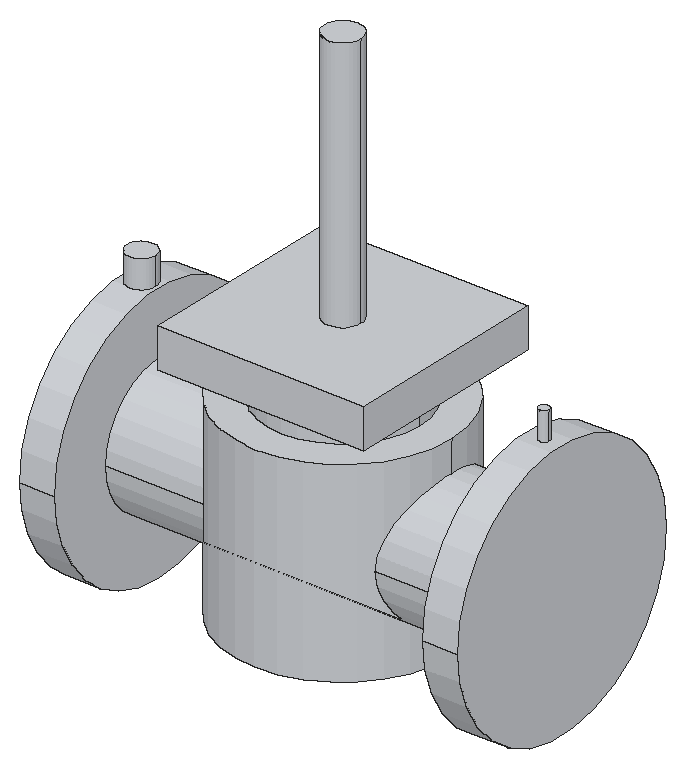
Revit family "OPTIMA_Compact_FLANGE_PN16_DN150-LF_RFA_2019", category Pipe Accessories, Revit 2019
Family settings
  Round Connector Dimension = Use Diameter
  Part Type = Valve - Breaks Into
  Work Plane-Based = No
  Always vertical = Yes
  Cut with Voids When Loaded = No
  Shared = No
Parameters (values of type "Optima Compact Flange PN16 DN150 LF")
  magiProductId = "Frese Optima Flange DN150 LF"
  magiProductFamilyId = "Frese Optima Flange *"
  magiPartTypeId = 304
  isMeasuringValve [instance] = no
  ang2D [instance] = 0.00°
  W2D = 50 mm
  VersionID = "2.0/2018.8.28.1/FRESE_OPTIMA_FLANGE_Q13_002"
  Use Minimum Symbol Size [instance] = yes
  URL = "www.hydronic.cz"
  Type Comments = "Přírubový; PN16; 0~110°C, s měřením"
  R4 = 84 mm
  R3 = 74.1 mm
  R1 = 120 mm
  QmdConnectorList = "301;D;302;D"
  Productdata [instance] = ""
  Manufacturer = "Hydronic Systems Prague s.r.o."
  MC Product Code = "53-1205 (DN150 LF; 43mm; pohon min 1500N; Qmin-dpmin 25600l/h-21.0kPa; Qmax-dpmin 148000l/h-35.0kPa; dpmax 800kPa)"
  MC Piping Given Pressure Drop [instance] = 0.0 Pa
  LF__ve = -LF  # -38.4 mm
  LF2 = 19.2 mm
  LF = 38.4 mm
  L4 = 225.6 mm
  L3 = 403.2 mm
  L2D_Min = 3048 mm
  L2D = 230 mm
  L2 = 240 mm
  H6 = 279.25 mm
  H4 = 42.75 mm
  H3 = 35.625 mm
  H2 = 106.875 mm
  H1 = 213.75 mm
  Description = "Tlakově nezávislý 2-cestný regulační vyvažovací ventil (PICV)"
  DF2 = 142.5 mm
  D = 150 mm
  CAT0 = yes
Types (14, lengths in mm): name | magiProductId | magiProductFamilyId | W2D | Type Comments | R4 | R3 | R1 | MC Product Code | LF__ve | LF2 | LF | L4 | L3 | L2D | L2 | H6 | H4 | H3 | H2 | H1 | DF2 | D
  Optima Compact Flange PN16 DN050 LF | "Frese Optima Flange DN050 LF" | "Frese Optima Flange *" | 50 | "Přírubový; PN16; 0~120°C, s měřením" | 40.3 | 42.9 | 57.5 | "53-1200 (DN50 LF; 20mm; pohon min 1000N; Qmin-dpmin 2500l/h-6.5kPa; Qmax-dpmin 15000l/h-20.0kPa; dpmax 800kPa)" | -18.4 | 9.2 | 18.4 | 108.1 | 193.2 | 230 | 115 | 157.3 | 24.8 | 20.6 | 61.9 | 123.8 | 82.5 | 50
  Optima Compact Flange PN16 DN050 HF | "Frese Optima Flange DN050 HF" | "Frese Optima Flange *" | 50 | "Přírubový; PN16; 0~120°C, s měřením" | 40.25 | 42.9 | 57.5 | "53-1210 (DN50 HF; 20mm; pohon min 1000N; Qmin-dpmin 3900l/h-19.0kPa; Qmax-dpmin 24000l/h-50.0kPa; dpmax 800kPa)" | -18.4 | 9.2 | 18.4 | 108.1 | 193.2 | 230 | 115 | 157.25 | 24.75 | 20.625 | 61.875 | 123.75 | 82.5 | 50
  Optima Compact Flange PN16 DN065 LF | "Frese Optima Flange DN065 LF" | "Frese Optima Flange *" | 50 | "Přírubový; PN16; 0~120°C, s měřením" | 50.75 | 48.1 | 72.5 | "53-1201 (DN65 LF; 20mm; pohon min 1000N; Qmin-dpmin 4400l/h-15.0kPa; Qmax-dpmin 25000l/h-25.0kPa; dpmax 800kPa)" | -23.2 | 11.6 | 23.2 | 136.3 | 243.6 | 230 | 145 | 171.25 | 27.75 | 23.125 | 69.375 | 138.75 | 92.5 | 65
  Optima Compact Flange PN16 DN065 HF | "Frese Optima Flange DN065 HF" | "Frese Optima Flange *" | 50 | "Přírubový; PN16; 0~120°C, s měřením" | 50.75 | 48.1 | 72.5 | "53-1211 (DN65 HF; 20mm; pohon min 1000N; Qmin-dpmin 6000l/h-30.0kPa; Qmax-dpmin 35000l/h-55.0kPa; dpmax 800kPa)" | -23.2 | 11.6 | 23.2 | 136.3 | 243.6 | 230 | 145 | 171.25 | 27.75 | 23.125 | 69.375 | 138.75 | 92.5 | 65
  Optima Compact Flange PN16 DN080 LF | "Frese Optima Flange DN080 LF" | "Frese Optima Flange *" | 50 | "Přírubový; PN16; 0~120°C, s měřením" | 54.25 | 52 | 77.5 | "53-1202 (DN80 LF; 20mm; pohon min 1000N; Qmin-dpmin 5300l/h-16.0kPa; Qmax-dpmin 34000l/h-25.0kPa; dpmax 800kPa)" | -24.8 | 12.4 | 24.8 | 145.7 | 260.4 | 230 | 155 | 183 | 30 | 25 | 75 | 150 | 100 | 80
  Optima Compact Flange PN16 DN080 HF | "Frese Optima Flange DN080 HF" | "Frese Optima Flange *" | 50 | "Přírubový; PN16; 0~120°C, s měřením" | 54.25 | 52 | 77.5 | "53-1212 (DN80 HF; 20mm; pohon min 1000N; Qmin-dpmin 7000l/h-23.0kPa; Qmax-dpmin 43000l/h-50.0kPa; dpmax 800kPa)" | -24.8 | 12.4 | 24.8 | 145.7 | 260.4 | 230 | 155 | 183 | 30 | 25 | 75 | 150 | 100 | 80
  Optima Compact Flange PN16 DN100 LF | "Frese Optima Flange DN100 LF" | "Frese Optima Flange *" | 50 | "Přírubový; PN16; 0~120°C, s měřením" | 61.25 | 61.1 | 87.5 | "53-1203 (DN100 LF; 40mm; pohon min 1000N; Qmin-dpmin 12100l/h-20.0kPa; Qmax-dpmin 68000l/h-35.0kPa; dpmax 800kPa)" | -28 | 14 | 28 | 164.5 | 294 | 230 | 175 | 268.75 | 35.25 | 29.375 | 88.125 | 176.25 | 117.5 | 100
  Optima Compact Flange PN16 DN100 HF | "Frese Optima Flange DN100 HF" | "Frese Optima Flange *" | 50 | "Přírubový; PN16; 0~120°C, s měřením" | 61.25 | 61.1 | 87.5 | "53-1213 (DN100 HF; 40mm; pohon min 1000N; Qmin-dpmin 14800l/h-30.0kPa; Qmax-dpmin 90000l/h-75.0kPa; dpmax 800kPa)" | -28 | 14 | 28 | 164.5 | 294 | 230 | 175 | 268.75 | 35.25 | 29.375 | 88.125 | 176.25 | 117.5 | 100
  Optima Compact Flange PN16 DN125 LF | "Frese Optima Flange DN125 LF" | "Frese Optima Flange *" | 50 | "Přírubový; PN16; 0~120°C, s měřením" | 70 | 70.2 | 100 | "53-1204 (DN125 LF; 40mm; pohon min 1000N; Qmin-dpmin 18500l/h-16.0kPa; Qmax-dpmin 110000l/h-35.0kPa; dpmax 800kPa)" | -32 | 16 | 32 | 188 | 336 | 230 | 200 | 275.5 | 40.5 | 33.75 | 101.25 | 202.5 | 135 | 125
  Optima Compact Flange PN16 DN125 HF | "Frese Optima Flange DN125 HF" | "Frese Optima Flange *" | 50 | "Přírubový; PN16; 0~120°C, s měřením" | 70 | 70.2 | 100 | "53-1214 (DN125 HF; 40mm; pohon min 1000N; Qmin-dpmin 23000l/h-27.0kPa; Qmax-dpmin 135000l/h-53.0kPa; dpmax 800kPa)" | -32 | 16 | 32 | 188 | 336 | 230 | 200 | 275.5 | 40.5 | 33.75 | 101.25 | 202.5 | 135 | 125
  Optima Compact Flange PN16 DN150 LF | "Frese Optima Flange DN150 LF" | "Frese Optima Flange *" | 50 | "Přírubový; PN16; 0~110°C, s měřením" | 84 | 74.1 | 120 | "53-1205 (DN150 LF; 43mm; pohon min 1500N; Qmin-dpmin 25600l/h-21.0kPa; Qmax-dpmin 148000l/h-35.0kPa; dpmax 800kPa)" | -38.4 | 19.2 | 38.4 | 225.6 | 403.2 | 230 | 240 | 279.25 | 42.75 | 35.625 | 106.875 | 213.75 | 142.5 | 150
  Optima Compact Flange PN16 DN150 HF | "Frese Optima Flange DN150 HF" | "Frese Optima Flange *" | 50 | "Přírubový; PN16; 0~110°C, s měřením" | 84 | 74.1 | 120 | "53-1215 (DN150 HF; 43mm; pohon min 1500N; Qmin-dpmin 32000l/h-33.0kPa; Qmax-dpmin 195000l/h-65.0kPa; dpmax 800kPa)" | -38.4 | 19.2 | 38.4 | 225.6 | 403.2 | 230 | 240 | 279.25 | 42.75 | 35.625 | 106.875 | 213.75 | 142.5 | 150
  Optima Compact Flange PN16 DN200 LF | "" | "" | 100 | "Přírubový; PN16; 0~110°C, s měřením" | 164.5 | 98.8 | 235 | "53-1206 (DN200 LF; 43mm; pohon min 1500N; Qmin-dpmin 95000l/h-11.0kPa; Qmax-dpmin 210000l/h-32.0kPa; dpmax 800kPa)" | -48 | 24 | 48 | 282 | 504 | 350 | 300 | 281 | 57 | 15 | 209 | 380 | 190 | 200
  Optima Compact Flange PN16 DN200 HF | "" | "" | 100 | "Přírubový; PN16; 0~110°C, s měřením" | 164.5 | 98.8 | 235 | "53-1216 (DN200 HF; 43mm; pohon min 1500N; Qmin-dpmin 130000l/h-31.0kPa; Qmax-dpmin 280000l/h-78.0kPa; dpmax 800kPa)" | -48 | 24 | 48 | 282 | 504 | 350 | 300 | 281 | 57 | 15 | 209 | 380 | 190 | 200
Reference planes
  plane 1 "Center (Front/Back)": y = 0
  plane 2 "XYPLANE": z = 0
  plane 3 "Center (Left/Right)": x = 0
  plane 4 "157": x = 220.8
  plane 5 "156": x = -220.8
  plane 6 "155": z = 142.5
  plane 7 "154": z = 185.25
  plane 8 "153": z = 142.5
  plane 9 "152": z = 106.875
  plane 10 "151": x = -201.6
  plane 11 "150": z = -106.875
  plane 12 "149": x = 0
  plane 13 "148": y = 0
  plane 14 "147": z = 0
  plane 15 "146": x = -240
  plane 16 "145": x = 240
Forms (mm)
  Extrusion 1, solid, visible <- "CAT0"
    sketch origin (-750, 0, 142.5) x (1, 0, 0) y (0, 1, 0)
      loop
        circle (970.8, 0) r 5.5
    from 0 to 30
  Extrusion 2, solid, visible <- "CAT0"
    sketch origin (-750, 0, 142.5) x (1, 0, 0) y (0, 1, 0)
      loop
        circle (529.2, 0) r 15.5
    from 0 to 30
  Extrusion 3, solid, visible <- "CAT0"
    sketch origin (-750, 0, 185.25) x (1, 0, 0) y (0, 1, 0)
      loop
        circle (750, 0) r 20
    from 0 to 279.25 <- "H6"
  Extrusion 4, solid, visible <- "CAT0"
    sketch origin (-750, 0, 142.5) x (1, 0, 0) y (0, 1, 0)
      loop
        line (862.8, 112.8) -> (637.2, 112.8) -> (637.2, -112.8) -> (862.8, -112.8) -> (862.8, 112.8)
    from 0 to 42.75 <- "H4"
  Extrusion 5, solid, visible <- "CAT0"
    sketch origin (-750, 0, 106.875) x (1, 0, 0) y (0, 1, 0)
      loop
        circle (750, 0) r 84
    from 0 to 35.625 <- "H3"
  Extrusion 6, solid, visible <- "CAT0"
    sketch origin (-201.6, -750, 0) x (0, 1, 0) y (0, 0, 1)
      loop
        circle (750, 0) r 74.1
    from 0 to 403.2 <- "L3"
  Extrusion 7, solid, visible <- "CAT0"
    sketch origin (-750, 0, -106.875) x (1, 0, 0) y (0, 1, 0)
      loop
        circle (750, 0) r 120
    from 0 to 213.75 <- "H1"
  Extrusion 8, solid, visible <- "CAT0"
    sketch origin (-240, -750, 0) x (0, 1, 0) y (0, 0, 1)
      loop
        circle (750, 0) r 142.5
    from 0 to 38.4 <- "LF"
  Extrusion 9, solid, visible <- "CAT0"
    sketch origin (240, -750, 0) x (0, 1, 0) y (0, 0, 1)
      loop
        circle (750, 0) r 142.5
    from 0 to -38.4 <- "LF__ve"
  Extrusion 10, solid, not visible
    sketch origin (-240, -750, 0) x (0, 1, 0) y (0, 0, 1)
      loop
        circle (750, 0) r 10
    from 0 to 10
  Extrusion 11, solid, not visible
    sketch origin (240, -750, 0) x (0, 1, 0) y (0, 0, 1)
      loop
        circle (750, 0) r 10
    from 0 to -10
Lines and regions (mm)
  reference lines, not visible
    curve 1: circle (2, 2, 0) r 1 normal (0, 0, 1)
  reference lines
    curve 2: circle (0, 0, 142.5) r 1 normal (0, 0, 1)
Dimensions and locks
  plane 1 "Center (Front/Back)" to curve 1 = 2 mm
  "LF2": plane 16 "145" to plane 4 "157"
  "LF2": plane 15 "146" to plane 5 "156"
  "DF2": plane 2 "XYPLANE" to plane 6 "155"
  "H4": plane 8 "153" to plane 7 "154"
  "H3": plane 9 "152" to plane 8 "153"
  "H1": plane 11 "150" to plane 9 "152"
  "LF": plane 15 "146" to plane 10 "151"
  "H2": plane 2 "XYPLANE" to plane 11 "150"
  locked: plane 3 "Center (Left/Right)" to plane 12 "149"
  locked: plane 1 "Center (Front/Back)" to plane 13 "148"
  locked: plane 2 "XYPLANE" to plane 14 "147"
  "L2": plane 3 "Center (Left/Right)" to plane 15 "146"
  "L2": plane 3 "Center (Left/Right)" to plane 16 "145"
  equal spacing: Extrusion 4 sketch curve, curve 2, Extrusion 4 sketch curve  (x2)
  "L4": Extrusion 4 sketch curve to Extrusion 4 sketch curve  (x2)
  Extrusion 4 sketch curve to Extrusion 4 sketch curve = 0 mm  (x8)
  "R4": radius of Extrusion 5 sketch curve
  "R3": radius of Extrusion 6 sketch curve
  "R1": radius of Extrusion 7 sketch curve
  "DF2": radius of Extrusion 8 sketch curve
  "DF2": radius of Extrusion 9 sketch curve
  aligned and locked: level to plane 2 "XYPLANE"
  aligned and locked: plane 4 "157" to Extrusion 1 sketch curve
  aligned and locked: plane 13 "148" to Extrusion 1 sketch curve
  aligned and locked: plane 5 "156" to Extrusion 2 sketch curve
  aligned and locked: plane 13 "148" to Extrusion 2 sketch curve
  aligned and locked: plane 12 "149" to Extrusion 3 sketch curve
  aligned and locked: plane 13 "148" to Extrusion 3 sketch curve
  aligned and locked: plane 12 "149" to curve 2
  aligned and locked: plane 13 "148" to curve 2
  aligned and locked: plane 12 "149" to Extrusion 5 sketch curve
  aligned and locked: plane 13 "148" to Extrusion 5 sketch curve
  aligned and locked: Extrusion 6 sketch curve to plane 13 "148"
  aligned and locked: plane 14 "147" to Extrusion 6 sketch curve
  aligned and locked: plane 12 "149" to Extrusion 7 sketch curve
  aligned and locked: plane 13 "148" to Extrusion 7 sketch curve
  aligned and locked: Extrusion 8 sketch curve to plane 13 "148"
  aligned and locked: plane 14 "147" to Extrusion 8 sketch curve
  aligned and locked: Extrusion 9 sketch curve to plane 13 "148"
  aligned and locked: plane 14 "147" to Extrusion 9 sketch curve
  aligned and locked: Extrusion 10 sketch curve to plane 13 "148"
  aligned and locked: plane 14 "147" to Extrusion 10 sketch curve
  aligned and locked: Extrusion 11 sketch curve to plane 13 "148"
  aligned and locked: plane 14 "147" to Extrusion 11 sketch curve
Automatic sketch dimensions
  Extrusion 1 sketch curve to plane 4 "157" = 5.5 mm
  plane 15 "146" to Extrusion 2 sketch curve = 3.7 mm
  Extrusion 3 sketch curve to plane 3 "Center (Left/Right)" = 20 mm
  plane 1 "Center (Front/Back)" to Extrusion 10 sketch curve = 10 mm
  plane 1 "Center (Front/Back)" to Extrusion 11 sketch curve = 10 mm
  plane 3 "Center (Left/Right)" to curve 1 = 2 mm
  plane 10 "151" to Extrusion 4 sketch curve = 88.8 mm
  plane 1 "Center (Front/Back)" to Extrusion 4 sketch curve = 112.8 mm
  radius of curve 2 = 1 mm
  radius of curve 1 = 1 mm
Connectors
  piping at (-240, 0, 0), diameter 150, driven by "D"
    settings: on Extrusion 10, index 1, connector inside diameter 609.6 mm, connector length 0 mm, flow factor 0, pipe flow 0.0 L/s, pressure drop 0.0 Pa, fitting loss kfactor 0, connector angle 0.00°, fixture units 0, engagement length 0 mm, angle of deflection 0.00°, flow configuration 0, flow direction 0, fitting loss method 0, system type 29, joint type 0, gender type 0, connector reference index 2, connector utility 0, adjustable connector no, is connector primary yes, connector description ""
  piping at (240, 0, 0), diameter 150, driven by "D"
    settings: on Extrusion 11, index 2, connector inside diameter 609.6 mm, connector length 0 mm, flow factor 0, pipe flow 0.0 L/s, pressure drop 0.0 Pa, fitting loss kfactor 0, connector angle 0.00°, fixture units 0, engagement length 0 mm, angle of deflection 0.00°, flow configuration 0, flow direction 0, fitting loss method 0, system type 29, joint type 0, gender type 0, connector reference index 1, connector utility 0, adjustable connector no, is connector primary no, connector description ""
